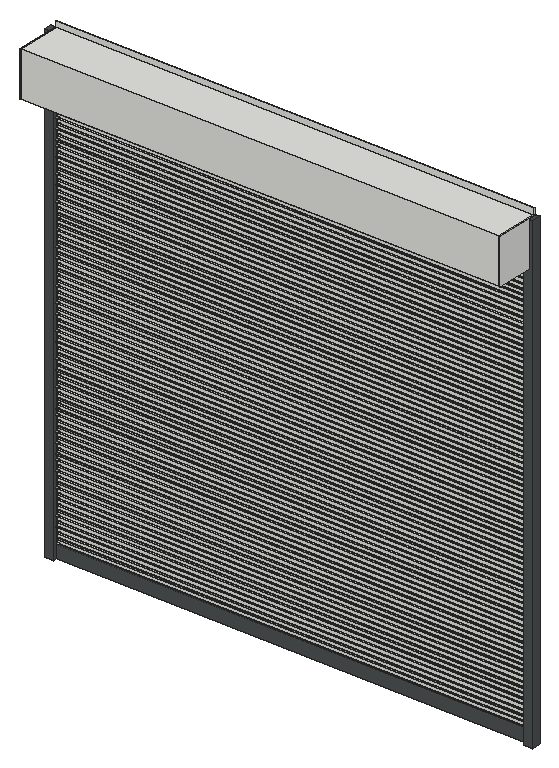
Revit family "Counter-Doors_OHD_Model-651_compact", category Specialty Equipment, host Wall, Revit 2023 (continued)
Definition of nested family "Motor"
  Forms (in)
    Extrusion 1, solid, material <- "Main Material", visible <- "Wall Mount"
      sketch origin (0, 0, 18.8898) x (1, 0, 0) y (0, 1, 0)
        loop
          line (-4.134, -2.41307) -> (4.116, -2.41307) -> (4.116, -2.29347) -> (3.108, -2.29347)
          arc (3.108, -2.29347) -> (3.02315, -2.25832) -> (2.988, -2.17347) r 0.12
          line (2.988, -2.17347) -> (2.988, 4.96193) -> (-2.988, 4.96193) -> (-2.988, -2.17347)
          arc (-2.988, -2.17347) -> (-3.02315, -2.25832) -> (-3.108, -2.29347) r 0.12
          line (-3.108, -2.29347) -> (-4.134, -2.29347) -> (-4.134, -2.41307)
      from -16.64 to 0
    Extrusion 2, solid, material <- "Main Material", visible <- "Wall Mount"
      sketch origin (0, 0, 18.8898) x (1, 0, 0) y (0, 1, 0)
        loop
          line (-4.134, -2.41307) -> (-4.134, -5.05565) -> (-4.3324, -5.05565) -> (-4.3324, -5.3122)
          arc (-4.3324, -5.3122) -> (-4.24466, -5.55085) -> (-4.02324, -5.67585) r 0.36846
          arc (-4.02324, -5.67585) -> (0, -6.0017) -> (4.02324, -5.67585) r 25
          arc (4.02324, -5.67585) -> (4.24466, -5.55085) -> (4.3324, -5.3122) r 0.36846
          line (4.3324, -5.3122) -> (4.3324, -5.05565) -> (4.116, -5.05565) -> (4.116, -2.41307) -> (-4.134, -2.41307)
      from -17 to 0.35839
    Revolve 3, solid, material <- "Main Material", visible <- "Wall Mount RSX"
      sketch origin (2.0828, 5.66524, 0) x (0, -1, 0) y (1, 0, 0)
        loop
          line (5.66524, -9.0813) -> (5.66524, 3.1162) -> (4.82413, 3.1162) -> (4.82413, 2.7162) -> (4.39283, 2.7162) -> (4.39283, 2.4872) -> (2.50257, 2.4872) -> (2.50257, -6.6585) -> (3.79863, -6.6585) -> (3.79863, -7.51105) -> (3.89778, -7.6102) -> (5.36033, -7.6102) -> (5.36033, -7.8313) -> (4.69783, -7.8313) -> (4.69783, -9.0813) -> (5.66524, -9.0813)
        axis (5.66524, -9.0813) -> (5.66524, 3.1162)
      angle from 0 to 360
    Extrusion 4, solid, material <- "Main Material", visible <- "Wall Mount"
      sketch origin (0, 0, 18.8898) x (1, 0, 0) y (0, 1, 0)
        loop
          line (-2.988, 5.08193) -> (-4.988, 5.08193) -> (-4.988, 4.96193) -> (-3.108, 4.96193) -> (-3.108, 1.46193) -> (-2.988, 1.46193) -> (-2.988, 5.08193)
        loop
          line (2.988, 5.08193) -> (2.988, 1.46193) -> (3.108, 1.46193) -> (3.108, 4.96193) -> (4.988, 4.96193) -> (4.988, 5.08193) -> (2.988, 5.08193)
      from -16.64 to 1.14
    Extrusion 5, solid, material <- "Main Material", visible <- "Wall Mount"
      sketch origin (0, 0.00141, 3.59957) x (0, 0, 1) y (0, -1, 0)
        loop
          circle (2.15043, 0.00141) r 3
      from 7.52 to 7.2495
    Sweep 6, solid, material <- "Main Material", visible <- "Wall Mount"
      path origin (7.38475, 9.53, 48) x (0, 1, 0) y (0, 0, 1)
        loop
          line (-12.53, -42.25) -> (-12.53, -128)
          arc (-12.53, -128) -> (-9.53, -131) -> (-6.53, -128) r 3
          line (-6.53, -128) -> (-6.53, -42.25)
      profile origin (7.38475, -3, -37.125) x (1, 0, 0) y (0, 1, 0)
        loop
          circle (0, 0.1) r 0.1
    Extrusion 7, solid, material <- "Main Material", visible <- "Wall Mount"
      sketch origin (0, 0.00141, 3.59957) x (0, 0, 1) y (0, -1, 0)
        loop
          circle (2.15043, 0.00141) r 0.4
      from 8.82 to 0
    Extrusion 8, solid, material <- "Hood Material", visible <- "CDX"
      sketch origin (2.988, 0, 5.75) x (0, -1, 0) y (1, 0, 0)
        loop
          line (12, -10.57168) -> (12, 2.55332) -> (-4.7, 2.55332) -> (-4.7, 0.0015) -> (2, 0.0015) -> (2, -10.57168) -> (12, -10.57168)
      from 4.88 to -4.88
    Extrusion 9, solid, material <- "Main Material", visible <- "Crank"
      sketch origin (2.9895, 5.75, 5.75) x (0, 0, -1) y (0, -1, 0)
        loop
          line (-1.66535, -2.15748) -> (1.66535, -2.15748)
          arc (1.66535, -2.15748) -> (2.01891, -2.01103) -> (2.16535, -1.65748) r 0.5
          line (2.16535, -1.65748) -> (2.16535, 0.00787)
          arc (2.16535, 0.00787) -> (1.99476, 0.85032) -> (1.50984, 1.56001) r 2.16535
          line (1.50984, 1.56001) -> (1.50984, 2.29685)
          arc (1.50984, 2.29685) -> (1.43662, 2.47363) -> (1.25984, 2.54685) r 0.25
          line (1.25984, 2.54685) -> (0.24999, 3.12987)
          arc (0.24999, 3.12987) -> (0, 3.19685) -> (-0.24999, 3.12987) r 0.5
          line (-0.24999, 3.12987) -> (-1.25984, 2.54685)
          arc (-1.25984, 2.54685) -> (-1.43662, 2.47363) -> (-1.50984, 2.29685) r 0.25
          line (-1.50984, 2.29685) -> (-1.50984, 1.56001)
          arc (-1.50984, 1.56001) -> (-1.99476, 0.85032) -> (-2.16535, 0.00787) r 2.16535
          line (-2.16535, 0.00787) -> (-2.16535, -1.65748)
          arc (-2.16535, -1.65748) -> (-2.01891, -2.01103) -> (-1.66535, -2.15748) r 0.5
      from 0 to -0.5
    Extrusion 10, solid, material <- "Main Material", visible <- "Crank"
      sketch origin (2.9895, 5.75, 5.75) x (0, 0, -1) y (0, -1, 0)
        loop
          line (1.50984, 1.56001) -> (1.50984, 2.29685)
          arc (1.50984, 2.29685) -> (1.43662, 2.47363) -> (1.25984, 2.54685) r 0.25
          line (1.25984, 2.54685) -> (-1.25984, 2.54685)
          arc (-1.25984, 2.54685) -> (-1.43662, 2.47363) -> (-1.50984, 2.29685) r 0.25
          line (-1.50984, 2.29685) -> (-1.50984, 1.56001)
          arc (-1.50984, 1.56001) -> (0, -2.15748) -> (1.50984, 1.56001) r 2.16535
      from 0 to -2
    Extrusion 11, solid, material <- "Main Material", visible <- "Crank"
      sketch origin (2.9895, 4.76161, 5.75) x (0, 1, 0) y (-1, 0, 0)
        loop
          circle (-0.94004, -1.01792) r 0.24
      from 1.5 to -10.5
    Extrusion 12, solid, material <- "Main Material", visible <- "Crank"
      sketch origin (2.9895, 5.75, 5.75) x (0, 1, 0) y (0, 0, -1)
        loop
          line (-2.04434, 10.46875) -> (-1.81142, 10.46875)
          arc (-1.81142, 10.46875) -> (-1.63464, 10.54197) -> (-1.56142, 10.71875) r 0.25
          line (-1.56142, 10.71875) -> (-1.56142, 11.53125)
          arc (-1.56142, 11.53125) -> (-1.63464, 11.70803) -> (-1.81142, 11.78125) r 0.25
          line (-1.81142, 11.78125) -> (-2.04434, 11.78125)
          arc (-2.04434, 11.78125) -> (-2.22112, 11.70803) -> (-2.29434, 11.53125) r 0.25
          line (-2.29434, 11.53125) -> (-2.29434, 10.71875)
          arc (-2.29434, 10.71875) -> (-2.22112, 10.54197) -> (-2.04434, 10.46875) r 0.25
      from -1.26284 to -0.77978
    Extrusion 13, solid, not visible
      sketch origin (2.9895, -24.70572, 48) x (0, -1, 0) y (0, 0, 1)
        loop
          circle (-30.45572, -42.25) r 0.5
      from 0.5 to 0 <- "Connector MP"
  Cuts and joins
    joined: Extrusion 9, Extrusion 10, Extrusion 11
  Lines and regions (in)
    Masking region 1, visible <- "CDX"
      outline origin (0, 0, 0) x (1, 0, 0) y (0, 1, 0)
        loop
          line (-7.58368, -2) -> (-7.58368, -12) -> (5.54132, -12) -> (5.54132, 4.7) -> (2.9895, 4.7) -> (2.9895, -2) -> (-7.58368, -2)
    Masking region 2, visible <- "Crank"
      outline origin (2.9895, 5.75, 5.75) x (0, 1, 0) y (-1, 0, 0)
        loop
          line (2.15748, 0) -> (-3.1963, 0) -> (-3.1963, -0.5) -> (-2.54685, -0.5) -> (-2.54685, -2) -> (2.15748, -2) -> (2.15748, 0)
    reference lines
      curve 1: line (0, 0, 0) -> (0, 0, 18.8898)
      curve 2: line (2.9895, 5.75, 5.75) -> (2.9895, 6.5, 5.75)
    symbolic lines, visible <- "Crank"
      curve 3: line (2.9895, 4.18999, 5.75) -> (4.9895, 4.18999, 5.75)
      curve 4: line (2.9895, 3.20315, 5.75) -> (3.4895, 3.20315, 5.75)
  Dimensions and locks (in)
    Extrusion 4 sketch curve to Extrusion 4 sketch curve = 3.62"
    locked: Extrusion 4 sketch curve to Extrusion 4 sketch curve at 0.12  (x3)
    "Chain H Offset": plane 4 to plane 5
    locked: plane 7 to plane 6 at 30
    locked: Sweep 6 sketch curve to profile plane at 0
    locked: profile plane to Sweep 6 sketch curve at 0.1
    locked: Sweep 6 sketch curve to Sweep 6 sketch curve at 6
    "Floor To Cl Shaft": plane 8 to plane 6
    "Horizontal Mount": plane 1 "Center (Front/Back)" to plane 11
    "Top Option Offset": level to plane 12
    "Chain V Offset": plane 9 "Chain Hoist" to plane 12
    equal spacing: Sweep 6 sketch curve, plane 5, Sweep 6 sketch curve
    "Vertical Mount": plane 10 "Top Of Hood" to plane 12
    locked: Extrusion 2 sketch curve to Extrusion 2 sketch curve at 8.25
    locked: Extrusion 2 sketch curve to Extrusion 2 sketch curve at 2.64258
    locked: plane 3 "Center (Left/Right)" to plane 14 at 7.2495
    "Hood Mount": plane 13 "Hood Face" to plane 14
    "Hood Width Real": plane 11 to plane 15
    "Real Exterior Wall Offset": plane 15 to plane 16 "Wall"
    Revolve 3 sketch curve to Revolve 3 sketch curve to Revolve 3 sketch curve to Revolve 3 sketch curve to Revolve 3 sketch curve to Revolve 3 sketch curve to Revolve 3 sketch curve = 1 1/4" locked, 0.2211" locked, 0.9517" locked, 9.1457" locked, 0.229" locked, 0.4" locked
    Revolve 3 sketch curve to Revolve 3 sketch curve to Revolve 3 sketch curve to Revolve 3 sketch curve to Revolve 3 sketch curve to Revolve 3 sketch curve to Revolve 3 sketch curve to Revolve 3 sketch curve = 0.30491" locked, 0.53619" locked, 0.12631" locked, 0.305" locked, 0.49505" locked, 0.09915" locked, 1.29606" locked
    locked: Extrusion 1 sketch curve to Extrusion 1 sketch curve at 0.1196
    locked: Extrusion 1 sketch curve to Extrusion 1 sketch curve at 5.976
    equal spacing: Extrusion 1 sketch curve, curve 1, Extrusion 1 sketch curve
    locked: curve 1 to Extrusion 1 sketch curve at 2.41307
    locked: Extrusion 1 sketch curve to Extrusion 1 sketch curve at 7.375
    equal spacing: Extrusion 4 sketch curve, curve 1, Extrusion 4 sketch curve
    locked: Extrusion 4 sketch curve to curve 1 at 1.46193
    locked: Revolve 3 sketch curve to plane 3 "Center (Left/Right)" at 4.5757
    locked: Extrusion 4 sketch curve to Extrusion 4 sketch curve at 5.976
    locked: Extrusion 4 sketch curve to Extrusion 4 sketch curve at 2
    locked: Extrusion 4 sketch curve to Extrusion 4 sketch curve at 1.88
    locked: Extrusion 1 sketch curve to Extrusion 1 sketch curve at 1.128
    locked: Extrusion 1 sketch curve to Extrusion 1 sketch curve at 1.146
    locked: curve 1 to Extrusion 2 sketch curve at 2.41307
    locked: Extrusion 8 sketch curve to Extrusion 8 sketch curve at 13.125
    locked: Extrusion 8 sketch curve to Extrusion 8 sketch curve at 2.55182
    locked: Extrusion 8 sketch curve to Extrusion 8 sketch curve at 16.7
    locked: Extrusion 8 sketch curve to curve 1 at 2
    locked: Extrusion 8 sketch curve to Extrusion 8 sketch curve at 10
    equal spacing: plane 1 "Center (Front/Back)", plane 17, plane 15
    "Hood Height": plane 10 "Top Of Hood" to plane 18
    equal spacing: plane 10 "Top Of Hood", plane 19, plane 18
    locked: curve 2 to curve 2 at 0.75
    "Connector VP": plane 10 "Top Of Hood" to Extrusion 13 sketch curve
    "Connector HP": Extrusion 13 sketch curve to plane 16 "Wall"
    radius of Extrusion 5 sketch curve = 3"
    radius of Sweep 6 sketch curve = 3"
    radius of Sweep 6 sketch curve = 0.1"
    radius of Extrusion 7 sketch curve = 0.4"
    radius of Extrusion 2 sketch curve = 0.36846"  (x2)
    radius of Extrusion 1 sketch curve = 0.12"  (x2)
    radius of Extrusion 2 sketch curve = 25"
    "Angle": angle curve 1 to plane 1 "Center (Front/Back)"
    angle Extrusion 2 sketch curve to Extrusion 2 sketch curve = 90.00°
    locked: Extrusion 2 sketch curve to Extrusion 2 sketch curve (angle 90.00°)
    aligned and locked: plane 2 to level
    aligned and locked: Revolve 3 sketch curve to Revolve 3 sketch curve
    aligned and locked: plane 1 "Center (Front/Back)" to curve 1
    aligned and locked: level to curve 1
    aligned and locked: plane 1 "Center (Front/Back)" to plane 4
    aligned and locked: Extrusion 4 sketch curve to Extrusion 4 sketch curve  (x3)
    aligned and locked: plane 7 to Sweep 6 sketch curve  (x2)
    aligned and locked: plane 8 to Sweep 6 sketch curve  (x2)
    aligned and locked: plane 5 to Extrusion 5 sketch curve
    aligned and locked: plane 9 "Chain Hoist" to Extrusion 5 sketch curve
    aligned and locked: plane 5 to Extrusion 7 sketch curve
    aligned and locked: plane 9 "Chain Hoist" to Extrusion 7 sketch curve
    aligned and locked: plane 8 to plane 9 "Chain Hoist"
    aligned and locked: Extrusion 2 sketch curve to Extrusion 2 sketch curve
    aligned and locked: Extrusion 1 sketch curve to Extrusion 1 sketch curve
    aligned and locked: plane 4 to nested 1
    aligned and locked: plane 3 "Center (Left/Right)" to nested 1
    aligned and locked: Masking region 1 sketch curve to Extrusion 8  (x6)
    aligned and locked: Extrusion 8 sketch curve to plane 13 "Hood Face"
    aligned and locked: plane 17 to curve 2
    aligned and locked: curve 2 to plane 19
  Automatic sketch dimensions
    plane 1 "Center (Front/Back)" to Revolve 3 sketch curve = 0"
    Revolve 3 sketch curve to Revolve 3 sketch curve = 0.09915"
    Revolve 3 sketch curve to Revolve 3 sketch curve = 4.7892"
    Revolve 3 sketch curve to plane 14 = 1.9628"
    Extrusion 2 sketch curve to plane 3 "Center (Left/Right)" = 0"
    Extrusion 2 sketch curve to Extrusion 2 sketch curve = 0.1984"
    Extrusion 2 sketch curve to Extrusion 2 sketch curve = 0.15206"
    Extrusion 2 sketch curve to Extrusion 2 sketch curve = 0.25654"
    Extrusion 2 sketch curve to Extrusion 2 sketch curve = 0"  (x2)
    Extrusion 2 sketch curve to Extrusion 2 sketch curve = 0.0593"
    Extrusion 9 sketch curve to Extrusion 9 sketch curve = 0"  (x2)
    curve 2 to Extrusion 9 sketch curve = 0"  (x2)
    curve 2 to Extrusion 9 sketch curve = 1/4"
    Extrusion 9 sketch curve to Extrusion 9 sketch curve = 1.00985"  (x2)
    Extrusion 9 sketch curve to Extrusion 9 sketch curve = 1/4"  (x2)
    Extrusion 9 sketch curve to curve 2 = 1.66535"
    Extrusion 9 sketch curve to Extrusion 9 sketch curve = 1/2"
    Extrusion 9 sketch curve to curve 2 = 1/4"
    curve 2 to Extrusion 9 sketch curve = 1.66535"
    curve 2 to Extrusion 9 sketch curve = 2.16535"
    Extrusion 9 sketch curve to curve 2 = 1.40748"
    curve 2 to Extrusion 9 sketch curve = 0.00787"
    Extrusion 9 sketch curve to Extrusion 9 sketch curve = 0.73684"  (x2)
    Extrusion 9 sketch curve to Extrusion 9 sketch curve = 0.15"
    Extrusion 9 sketch curve to Extrusion 9 sketch curve = 0.43302"
    curve 2 to Extrusion 10 sketch curve = 0"
    curve 2 to Extrusion 10 sketch curve = 1.25984"
    Extrusion 10 sketch curve to Extrusion 10 sketch curve = 1/4"  (x2)
    Extrusion 10 sketch curve to curve 2 = 1.25984"
    curve 2 to Extrusion 10 sketch curve = 0.00787"
    curve 2 to Extrusion 10 sketch curve = 1.56001"
    Extrusion 10 sketch curve to Extrusion 10 sketch curve = 0.73684"
    Extrusion 10 sketch curve to Extrusion 10 sketch curve = 0"
    Extrusion 11 sketch curve to curve 2 = 1.92843"
    Extrusion 11 sketch curve to curve 2 = 1.01792"
    Extrusion 12 sketch curve to curve 2 = 2.29434"
    Extrusion 12 sketch curve to Extrusion 12 sketch curve = 1/4"  (x3)
    Extrusion 12 sketch curve to Extrusion 12 sketch curve = 0.23293"  (x2)
    curve 2 to Extrusion 12 sketch curve = 10 15/32"
    Extrusion 12 sketch curve to Extrusion 12 sketch curve = 13/16"
    Masking region 2 sketch curve to curve 2 = 0"
    Masking region 2 sketch curve to curve 2 = 2.54685"
    curve 2 to Masking region 2 sketch curve = 1.40748"
    curve 2 to Masking region 2 sketch curve = 1/2"
    Masking region 2 sketch curve to Masking region 2 sketch curve = 0.64945"
    Masking region 2 sketch curve to Masking region 2 sketch curve = 1 1/2"
    curve 4 to curve 2 = 0"
    curve 3 to curve 2 = 0"
    curve 4 to curve 2 = 2.54685"
    curve 3 to curve 2 = 1.56001"
    curve 2 to curve 4 = 1/2"
    curve 3 to curve 2 = 2"
    radius of Extrusion 11 sketch curve = 0.24"
    radius of Extrusion 13 sketch curve = 1/2"
  Nested families (in)
    nested 1: "2D_NotScalableMain_29e791da-3db9-4234-ab15-44456784202b" at (0, 0, 0), type "Default"
      with Wall Mount RMX no, Wall Mount no
  Definition of nested family "2D_NotScalableMain_29e791da-3db9-4234-ab15-44456784202b"
    Parameters (values of type "Default")
      Wall Mount RMX = yes
      Wall Mount RSX = no
      Wall Mount = yes
    Reference planes (in)
      plane 1 "Center (Front/Back)": y = 0
      plane 2: z = 0
      plane 3 "Center (Left/Right)": x = 0
    Lines and regions (in)
      Masking region 1, in view "Ref. Level", visible <- "Wall Mount RSX"
        outline origin (0, 0, 0) x (1, 0, 0) y (0, 1, 0)
          loop
            line (-6.9985, -0.96741) -> (-5.7485, -0.96741) -> (-5.7485, -0.30491) -> (-5.5274, -0.30491) -> (-5.5274, -1.76746) -> (-5.42825, -1.86661) -> (-4.5757, -1.86661) -> (-4.5757, -3.22517) -> (-4.134, -3.22517) -> (-4.134, -5.05565) -> (-4.3324, -5.05565) -> (-4.3324, -5.3122)
            arc (-4.3324, -5.3122) -> (-4.24466, -5.55085) -> (-4.02324, -5.67585) r 0.36846
            arc (-4.02324, -5.67585) -> (0, -6.0017) -> (4.02324, -5.67585) r 25
            arc (4.02324, -5.67585) -> (4.24466, -5.55085) -> (4.3324, -5.3122) r 0.36846
            line (4.3324, -5.3122) -> (4.3324, -5.05565) -> (4.116, -5.05565) -> (4.116, -3.22517) -> (4.57, -3.22517) -> (4.57, -1.27241) -> (4.799, -1.27241) -> (4.799, -0.84111) -> (5.199, -0.84111) -> (5.199, 0.77483) -> (7.2495, 0.77483) -> (7.2495, -1.81) -> (7.52, -1.81) -> (7.52, 0.79) -> (8.82, 0.79) -> (8.82, 1.59) -> (7.52, 1.59) -> (7.52, 4.19) -> (7.2495, 4.19) -> (7.2495, 1.59) -> (4.57, 1.59) -> (4.57, 3.22517) -> (3.108, 3.22517) -> (3.108, 4.96193) -> (4.988, 4.96193) -> (4.988, 5.08193) -> (2.988, 5.08193) -> (2.988, 4.96193) -> (-2.988, 4.96193) -> (-2.988, 5.08193) -> (-4.988, 5.08193) -> (-4.988, 4.96193) -> (-3.108, 4.96193) -> (-3.108, 3.22517) -> (-4.5757, 3.22517) -> (-4.5757, 1.86661) -> (-5.42825, 1.86661) -> (-5.5274, 1.76746) -> (-5.5274, 0.30491) -> (-5.7485, 0.30491) -> (-5.7485, 0.96741) -> (-6.9985, 0.96741) -> (-6.9985, -0.96741)
      Masking region 2, in view "Ref. Level", visible <- "Wall Mount"
        outline origin (0, 0, 0) x (1, 0, 0) y (0, 1, 0)
          loop
            line (-4.988, 4.96193) -> (-3.108, 4.96193) -> (-3.108, 1.46193) -> (-2.988, 1.46193) -> (-2.988, 5.08193) -> (-4.988, 5.08193) -> (-4.988, 4.96193)
          loop
            line (2.988, 1.46193) -> (3.108, 1.46193) -> (3.108, 4.96193) -> (4.988, 4.96193) -> (4.988, 5.08193) -> (2.988, 5.08193) -> (2.988, 1.46193)
      Masking region 3, in view "Ref. Level", visible <- "Wall Mount RMX"
        outline origin (0, 0, 0) x (1, 0, 0) y (0, 1, 0)
          loop
            line (-2.988, 4.96193) -> (-2.988, -2.17347)
            arc (-2.988, -2.17347) -> (-3.02315, -2.25832) -> (-3.108, -2.29347) r 0.12
            line (-3.108, -2.29347) -> (-4.134, -2.29347) -> (-4.134, -5.05565) -> (-4.3324, -5.05565) -> (-4.3324, -5.3122)
            arc (-4.3324, -5.3122) -> (-4.24466, -5.55085) -> (-4.02324, -5.67585) r 0.36846
            arc (-4.02324, -5.67585) -> (0, -6.0017) -> (4.02324, -5.67585) r 25
            arc (4.02324, -5.67585) -> (4.24466, -5.55085) -> (4.3324, -5.3122) r 0.36846
            line (4.3324, -5.3122) -> (4.3324, -5.05565) -> (4.116, -5.05565) -> (4.116, -2.29347) -> (3.108, -2.29347)
            arc (3.108, -2.29347) -> (3.02315, -2.25832) -> (2.988, -2.17347) r 0.12
            line (2.988, -2.17347) -> (2.988, 0.77483) -> (7.2495, 0.77483) -> (7.2495, -1.81) -> (7.52, -1.81) -> (7.52, 0.79) -> (8.82, 0.79) -> (8.82, 1.59) -> (7.52, 1.59) -> (7.52, 4.19) -> (7.2495, 4.19) -> (7.2495, 1.59) -> (3.108, 1.59) -> (3.108, 1.46193) -> (2.988, 1.46193) -> (2.988, 4.96193) -> (-2.988, 4.96193)
      reference lines, in view "Ref. Level"
        curve 1: line (0, 0, 0) -> (0, 0.125, 0)
        curve 2: line (0, 0, 0) -> (0.125, 0, 0)
      detail lines, in view "Ref. Level", visible <- "Wall Mount"
        curve 3: line (7.2495, 4.19, 0) -> (7.2495, -1.81, 0)
        curve 4: line (7.52, 4.19, 0) -> (7.52, -1.81, 0)
        curve 5: line (-4.134, -2.29347, 0) -> (-4.134, -5.05565, 0)
        curve 6: line (4.116, -2.29347, 0) -> (4.116, -5.05565, 0)
        curve 7: line (-4.134, -2.41307, 0) -> (4.116, -2.41307, 0)
        curve 8: line (4.116, -2.29347, 0) -> (3.108, -2.29347, 0)
        curve 9: line (2.988, -2.17347, 0) -> (2.988, 4.96193, 0)
        curve 10: line (2.988, 4.96193, 0) -> (-2.988, 4.96193, 0)
        curve 11: line (-2.988, 4.96193, 0) -> (-2.988, -2.17347, 0)
        curve 12: arc (-2.988, -2.17347, 0) -> (-3.02315, -2.25832, 0) -> (-3.108, -2.29347, 0) r 0.12
        curve 13: arc (3.108, -2.29347, 0) -> (3.02315, -2.25832, 0) -> (2.988, -2.17347, 0) r 0.12
        curve 21: line (-4.134, -2.29347, 0) -> (-3.108, -2.29347, 0)
      detail lines, in view "Ref. Level", not visible
        curve 14: line (4.57, -3.22517, 0) -> (4.57, 0.77483, 0)
        curve 15: line (4.799, -1.27241, 0) -> (4.799, 0.77483, 0)
      detail lines, in view "Ref. Level", visible <- "Wall Mount RSX"
        curve 16: line (5.199, -0.84111, 0) -> (5.199, 0.77483, 0)
        curve 17: line (-4.5757, -3.22517, 0) -> (-4.5757, 3.22517, 0)
        curve 18: line (-5.42825, -1.86661, 0) -> (-5.42825, 1.86661, 0)
        curve 19: line (-5.5274, 1.76746, 0) -> (-5.5274, -1.76746, 0)
        curve 20: line (-5.7485, -0.96741, 0) -> (-5.7485, 0.96741, 0)
        curve 22: line (5.199, 0.77483, 0) -> (2.988, 0.77483, 0)
        curve 23: line (4.57, 1.59, 0) -> (3.108, 1.59, 0)
        curve 24: line (-4.5757, -3.22517, 0) -> (-4.5757, 3.22517, 0)
        curve 25: line (-5.42825, 1.86661, 0) -> (-5.42825, -1.86661, 0)
        curve 26: line (-5.5274, 1.76746, 0) -> (-5.5274, -1.76746, 0)
        curve 27: line (-5.7485, -0.96741, 0) -> (-5.7485, 0.96741, 0)
        curve 28: line (4.57, 3.22517, 0) -> (4.57, 1.59, 0)
        curve 29: line (4.799, 0.77483, 0) -> (4.799, -1.22759, 0)
    Dimensions and locks (in)
      curve 1 to curve 1 = 1/8"
      curve 2 to curve 2 = 1/8"
      aligned and locked: plane 1 "Center (Front/Back)" to curve 1
      aligned and locked: plane 3 "Center (Left/Right)" to curve 1
      aligned and locked: plane 1 "Center (Front/Back)" to curve 2
Definition of nested family "Label Annotation 1"
  Parameters (values of type "Label Annotation 1-8")
    Label = "Area is too big. Please reduce Door Size."
  Reference planes (in)
    plane 1: y = 0
    plane 2: x = 0
  Text (in)
    label "Label" at (0.00375, -0.00345, 0), shows "Label"
Definition of nested family "Warning Sign"
  Parameters (values of type "Warning Sign")
    Warning Sign [instance] = no
    Default Elevation = 48"
  Reference planes (in)
    plane 1 "Center (Front/Back)": y = 0
    plane 2: z = 0
    plane 3 "Center (Left/Right)": x = 0
    plane 4: y = 0.5
    plane 5: y = -0.5
    plane 6: y = 1
    plane 7: y = 0.25
  Lines and regions (in)
    model lines
      curve 1: line (-2.26129, 1, 45.69444) -> (-26.3817, 1, 3.91667)
      curve 2: line (-25.25106, 1, 3.26389) -> (-1.13064, 1, 45.04167)
      curve 3: arc (2.26129, 1, 45.69444) -> (0, 1, 47) -> (-2.26129, 1, 45.69444) r 2.61111
      curve 4: arc (-1.13064, 1, 45.04167) -> (0, 1, 45.69444) -> (1.13064, 1, 45.04167) r 1.30556
      curve 5: line (1.13064, 1, 45.04167) -> (25.25106, 1, 3.26389)
      curve 6: line (26.3817, 1, 3.91667) -> (2.26129, 1, 45.69444)
      curve 7: arc (25.25106, 1, 3.26389) -> (25.25106, 1, 1.95833) -> (24.12041, 1, 1.30556) r 1.30556
      curve 8: arc (24.12041, 1, 0) -> (26.3817, 1, 1.30556) -> (26.3817, 1, 3.91667) r 2.61111
      curve 9: line (24.12041, 1, 1.30556) -> (-24.12041, 1, 1.30556)
      curve 10: line (-24.12041, 1, 0) -> (24.12041, 1, 0)
      curve 11: arc (-24.12041, 1, 1.30556) -> (-25.25106, 1, 1.95833) -> (-25.25106, 1, 3.26389) r 1.30556
      curve 12: arc (-26.3817, 1, 3.91667) -> (-26.3817, 1, 1.30556) -> (-24.12041, 1, 0) r 2.61111
      curve 13: arc (-2.29479, 1, 8.63537) -> (0, 1, 6.34057) -> (2.29479, 1, 8.63537) r 2.29479
      curve 14: arc (2.29479, 1, 8.63537) -> (0, 1, 10.93016) -> (-2.29479, 1, 8.63537) r 2.29479
      curve 15: arc (-1.6331, 1, 13.97069) -> (0.03439, 1, 12.53727) -> (1.69278, 1, 13.98121) r 1.68043
      curve 16: line (-3.77413, 1, 28.37873) -> (-1.6331, 1, 13.97069)
      curve 17: line (1.69278, 1, 13.98121) -> (3.73924, 1, 28.37873)
      curve 18: arc (3.73924, 1, 28.37873) -> (-0.01745, 1, 32.13541) -> (-3.77413, 1, 28.37873) r 3.75668
      curve 19: line (-2.26129, -0.5, 45.69444) -> (-26.3817, -0.5, 3.91667)
      curve 20: line (-25.25106, -0.5, 3.26389) -> (-1.13064, -0.5, 45.04167)
      curve 21: arc (2.26129, -0.5, 45.69444) -> (0, -0.5, 47) -> (-2.26129, -0.5, 45.69444) r 2.61111
      curve 22: arc (-1.13064, -0.5, 45.04167) -> (0, -0.5, 45.69444) -> (1.13064, -0.5, 45.04167) r 1.30556
      curve 23: line (1.13064, -0.5, 45.04167) -> (25.25106, -0.5, 3.26389)
      curve 24: line (26.3817, -0.5, 3.91667) -> (2.26129, -0.5, 45.69444)
      curve 25: arc (25.25106, -0.5, 3.26389) -> (25.25106, -0.5, 1.95833) -> (24.12041, -0.5, 1.30556) r 1.30556
      curve 26: arc (24.12041, -0.5, 0) -> (26.3817, -0.5, 1.30556) -> (26.3817, -0.5, 3.91667) r 2.61111
      curve 27: line (24.12041, -0.5, 1.30556) -> (-24.12041, -0.5, 1.30556)
      curve 28: line (-24.12041, -0.5, 0) -> (24.12041, -0.5, 0)
      curve 29: arc (-24.12041, -0.5, 1.30556) -> (-25.25106, -0.5, 1.95833) -> (-25.25106, -0.5, 3.26389) r 1.30556
      curve 30: arc (-26.3817, -0.5, 3.91667) -> (-26.3817, -0.5, 1.30556) -> (-24.12041, -0.5, 0) r 2.61111
      curve 31: arc (-2.29479, -0.5, 8.63537) -> (0, -0.5, 6.34057) -> (2.29479, -0.5, 8.63537) r 2.29479
      curve 32: arc (2.29479, -0.5, 8.63537) -> (0, -0.5, 10.93016) -> (-2.29479, -0.5, 8.63537) r 2.29479
      curve 33: arc (-1.6331, -0.5, 13.97069) -> (0.03439, -0.5, 12.53727) -> (1.69278, -0.5, 13.98121) r 1.68043
      curve 34: line (-3.77413, -0.5, 28.37873) -> (-1.6331, -0.5, 13.97069)
      curve 35: line (1.69278, -0.5, 13.98121) -> (3.73924, -0.5, 28.37873)
      curve 36: arc (3.73924, -0.5, 28.37873) -> (-0.01745, -0.5, 32.13541) -> (-3.77413, -0.5, 28.37873) r 3.75668
  Dimensions and locks (in)
    locked: plane 1 "Center (Front/Back)" to plane 4 at 0.5
    equal spacing: plane 1 "Center (Front/Back)", plane 7, plane 4
    locked: plane 4 to plane 6 at 0.5
    locked: plane 5 to plane 1 "Center (Front/Back)" at 0.5
    aligned and locked: plane 2 to level
  Automatic sketch dimensions
    curve 21 to curve 22 = 0"  (x2)
    curve 25 to curve 26 = 0"  (x2)
    curve 29 to curve 30 = 0"  (x2)
    curve 31 to curve 32 = 0"  (x2)
    curve 21 to plane 3 "Center (Left/Right)" = 0"
    curve 31 to plane 3 "Center (Left/Right)" = 0"
    curve 30 to level = 0"
    level to curve 27 = 1.30556"
    curve 26 to curve 27 = 1.30556"
    curve 29 to curve 27 = 1.30556"
    curve 23 to curve 25 = 0.65278"
    curve 20 to curve 29 = 0.65278"
    curve 24 to curve 23 = 0.65278"
    curve 19 to curve 20 = 0.65278"
    level to curve 32 = 8.63537"
    curve 34 to plane 3 "Center (Left/Right)" = 1.6331"
    curve 34 to curve 31 = 5.33532"
    plane 3 "Center (Left/Right)" to curve 35 = 1.69278"
    curve 35 to curve 34 = 0.01052"
    plane 3 "Center (Left/Right)" to curve 33 = 0.02908"
    curve 36 to plane 3 "Center (Left/Right)" = 0.01745"
    curve 36 to curve 33 = 14.16104"
    curve 22 to curve 36 = 16.01016"
    plane 3 "Center (Left/Right)" to curve 23 = 1.13064"
    curve 23 to curve 21 = 0.65278"
    curve 20 to plane 3 "Center (Left/Right)" = 1.13064"
    plane 3 "Center (Left/Right)" to curve 24 = 2.26129"
    curve 24 to curve 22 = 0.65278"
    curve 19 to plane 3 "Center (Left/Right)" = 2.26129"
    curve 34 to curve 36 = 3.75668"
    curve 30 to plane 3 "Center (Left/Right)" = 24.12041"
    plane 3 "Center (Left/Right)" to curve 25 = 24.12041"
    curve 31 to curve 31 = 2.29479"
    curve 3 to curve 4 = 0"  (x2)
    curve 7 to curve 8 = 0"  (x2)
    curve 11 to curve 12 = 0"  (x2)
    curve 13 to curve 14 = 0"  (x2)
    curve 3 to plane 3 "Center (Left/Right)" = 0"
    curve 13 to plane 3 "Center (Left/Right)" = 0"
    curve 12 to level = 0"
    level to curve 9 = 1.30556"
    curve 8 to curve 9 = 1.30556"
    curve 11 to curve 9 = 1.30556"
    curve 5 to curve 7 = 0.65278"
    curve 2 to curve 11 = 0.65278"
    curve 6 to curve 5 = 0.65278"
    curve 1 to curve 2 = 0.65278"
    level to curve 14 = 8.63537"
    curve 16 to plane 3 "Center (Left/Right)" = 1.6331"
    curve 16 to curve 13 = 5.33532"
    plane 3 "Center (Left/Right)" to curve 17 = 1.69278"
    curve 17 to curve 16 = 0.01052"
    plane 3 "Center (Left/Right)" to curve 15 = 0.02908"
    curve 18 to plane 3 "Center (Left/Right)" = 0.01745"
    curve 18 to curve 15 = 14.16104"
    curve 4 to curve 18 = 16.01016"
    plane 3 "Center (Left/Right)" to curve 5 = 1.13064"
    curve 5 to curve 3 = 0.65278"
    curve 2 to plane 3 "Center (Left/Right)" = 1.13064"
    plane 3 "Center (Left/Right)" to curve 6 = 2.26129"
    curve 6 to curve 4 = 0.65278"
    curve 1 to plane 3 "Center (Left/Right)" = 2.26129"
    curve 16 to curve 18 = 3.75668"
    curve 12 to plane 3 "Center (Left/Right)" = 24.12041"
    plane 3 "Center (Left/Right)" to curve 7 = 24.12041"
    curve 13 to curve 13 = 2.29479"
Types (9): name | Voltage | Operator Visibility | Number of Poles | Frequency | Electric Operator | Crank | Manual | Current | Connector Array | Apparent Load Phase 3 | Apparent Load Phase 2 | Apparent Load Phase 1
  115 volts, one phase, 60 Hz (110-120V range) | 115 V | yes | 1 | 60 Hz | yes | no | no | 20 A | 3 | 0 VA | 0 VA | 2300 VA
  ‏​Manual push-up | 0 V | no | 1 | 0 Hz | no | no | yes | 0 A | 2 | 0 VA | 0 VA | 0 VA
  230 volts, three phase, 60 Hz (208-245V range) | 230 V | yes | 3 | 60 Hz | yes | no | no | 20 A | 3 | 2655.81 VA | 2655.81 VA | 2655.81 VA
  230 volts, one phase, 60 Hz (208-245V range) | 230 V | yes | 1 | 60 Hz | yes | no | no | 20 A | 3 | 0 VA | 0 VA | 4600 VA
  460 volts, three phase, 60 Hz (456-495V range) | 460 V | yes | 3 | 60 Hz | yes | no | no | 20 A | 3 | 5311.62 VA | 5311.62 VA | 5311.62 VA
  208 volts, one phase, 60 Hz (190-207V range) | 208 V | yes | 1 | 60 Hz | yes | no | no | 20 A | 3 | 0 VA | 0 VA | 4160 VA
  208 volts, three phase, 60 Hz (190-207V range) | 208 V | yes | 3 | 60 Hz | yes | no | no | 20 A | 3 | 2401.78 VA | 2401.78 VA | 2401.78 VA
  575 volts, three phase, 60 Hz | 575 V | yes | 3 | 60 Hz | yes | no | no | 20 A | 3 | 6639.53 VA | 6639.53 VA | 6639.53 VA
  Manual crank | 0 V | yes | 1 | 0 Hz | no | yes | no | 0 A | 3 | 0 VA | 0 VA | 0 VA
